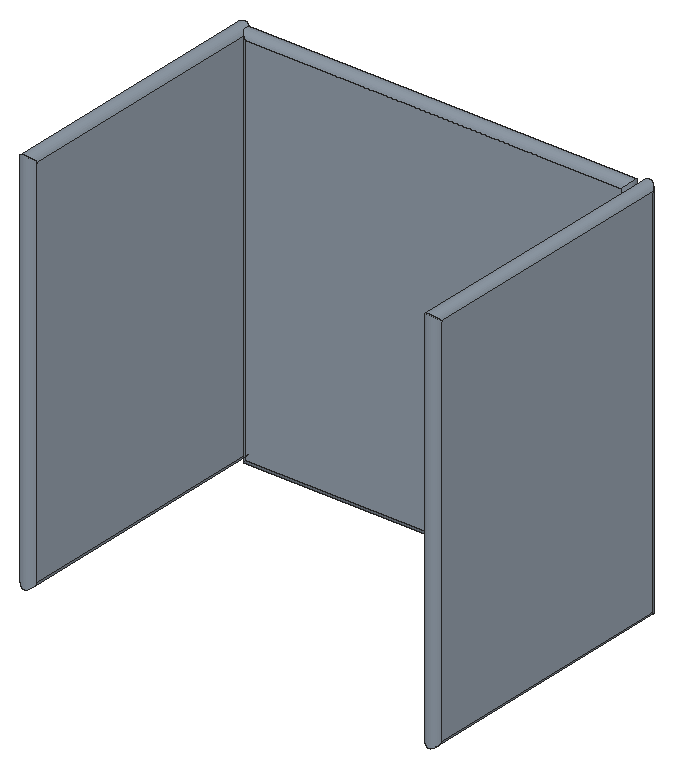
Revit family "FU_Modular_Sandler_Pau 1830PC", category Furniture, Revit 2020
Family settings
  OmniClass Number = 23.40.20.00
  OmniClass Title = General Furniture and Specialties
  Work Plane-Based = No
  Always vertical = Yes
  Cut with Voids When Loaded = No
  Shared = No
  Room Calculation Point = No
Parameters (values of type "PAU1830PC")
  Width = 1300 mm
  URL = "https://www.sandlerseating.com/product/pau1830pc/"
  Panel Finish [instance] = Fabric - Gravity - Frozen CPC27
  Model = "PAU1830PC"
  Manufacturer = "Sandler"
  Height = 895 mm
  Description = "Upholstered privacy screen on 3 sides for sofas and modules with backrest."
  Depth = 850 mm
  Default Elevation = 0 mm
Reference planes
  plane 1 "Center (Front/Back)": y = 0
  plane 2: z = 0
  plane 3 "Center (Left/Right)": x = 0
  plane 4 "Right": x = -650
  plane 5 "Left": x = 650
  plane 6 "Back": y = 450
  plane 7 "Front": y = -400
  plane 8 "Height": z = 895
  plane 9 "Seat height": z = 610
Dimensions and locks
  equal spacing: plane 4 "Right", plane 3 "Center (Left/Right)", plane 5 "Left"
  "Width": plane 4 "Right" to plane 5 "Left"
  plane 6 "Back" to plane 1 "Center (Front/Back)" to plane 7 "Front" = 450 mm, 400 mm
  "Depth": plane 6 "Back" to plane 7 "Front"
  "Height": plane 8 "Height" to level
  plane 9 "Seat height" to level = 610 mm
  aligned and locked: level to plane 2
Nested families
  nested 1: "FU_Modular_Sandler_Pau 1830PT" at (0, 425, 0), Panel Fabric <- "Panel Finish", type "PAU1830PT"
    with Panel Fabric Fabric - Gravity - Frozen CPC27
  nested 2: "FU_Modular_Sandler_Pau Side Panel" at (-625, 25, 0), Panel Fabric <- "Panel Finish", type "ESC0806"
    with Panel Fabric Fabric - Gravity - Frozen CPC27
  nested 3: "FU_Modular_Sandler_Pau Side Panel" at (625, 25, 0), Panel Fabric <- "Panel Finish", type "ESC0806"
    with Panel Fabric Fabric - Gravity - Frozen CPC27
Definition of nested family "FU_Modular_Sandler_Pau 1830PT"
  Parameters (values of type "PAU1830PT")
    Width = 1200 mm
    URL = "https://www.sandlerseating.com/product/pau1830pt/"
    Thickness = 50 mm  # constant formula
    Panel Height = 1200 mm
    Panel Fabric [instance] = none
    Model = "PAU1830PT"
    Manufacturer = "Sandler"
    Overall Elevation = 1300 mm
    Description = "Upholstered rear privacy screen for sofas and modules with backrest. Width 120cm."
    Default Elevation = 0 mm
  Reference planes
    plane 1 "Center (Front/Back)": y = 0
    plane 2: z = 0
    plane 3 "Center (Left/Right)": x = 0
    plane 4 "Right": x = -600
    plane 5 "Left": x = 600
    plane 6 "Front": y = -25
    plane 7 "Back": y = 25
    plane 8 "Top": z = 1300
    plane 9 "Panel Base": z = 100
  Forms (mm)
    Extrusion 1, solid, material <- "Panel Fabric"
      sketch origin (0, 0, 400) x (-1, 0, 0) y (0, 0, 1)
        loop
          line (-600, 900) -> (-600, -300) -> (600, -300) -> (600, 900) -> (-600, 900)
      from -25 to 25
    Sweep 2, void
      path in 3D
        loop
          line (-600, -25, 100) -> (600, -25, 100) -> (600, -25, 1300) -> (-600, -25, 1300) -> (-600, -25, 100)
      profile "Pro_Panel EdgeCut_10x50 : Pro_Panel EdgeCut_10x50" origin (-600, -25, 700) x (0, -1, 0) y (-1, 0, 0)
        loop
          line (20, -18.425) -> (20, 6.575) -> (-70, 6.575) -> (-70, -18.425)
          arc (-70, -18.425) -> (-60, -28.425) -> (-50, -18.425) r 10
          arc (-50, -18.425) -> (-25, 0) -> (0, -18.425) r 26.173
          arc (0, -18.425) -> (10, -28.425) -> (20, -18.425) r 10
  Cuts and joins
    Sweep 2 cuts Extrusion 1
  Lines and regions (mm)
    sketch lines
      curve 1: line (-600, -25, 1300) -> (-600, -25, 100)
      curve 2: line (600, -25, 1300) -> (-600, -25, 1300)
      curve 3: line (600, -25, 100) -> (600, -25, 1300)
      curve 4: line (-600, -25, 100) -> (600, -25, 100)
  Dimensions and locks
    "Width": plane 4 "Right" to plane 5 "Left"
    equal spacing: plane 4 "Right", plane 3 "Center (Left/Right)", plane 5 "Left"
    equal spacing: plane 7 "Back", plane 1 "Center (Front/Back)", plane 6 "Front"
    "Thickness": plane 7 "Back" to plane 6 "Front"
    "Overall Elevation": plane 8 "Top" to level
    "Panel Height": plane 8 "Top" to plane 9 "Panel Base"
    aligned and locked: level to plane 2
    aligned and locked: plane 8 "Top" to Extrusion 1 sketch curve
    aligned and locked: Extrusion 1 sketch curve to plane 4 "Right"
    aligned and locked: plane 5 "Left" to Extrusion 1 sketch curve
    aligned and locked: Extrusion 1 sketch curve to plane 9 "Panel Base"
Definition of nested family "FU_Modular_Sandler_Pau Side Panel"
  Parameters (values of type "ESC0806")
    Thickness = 50 mm
    Panel Fabric [instance] = none
    Overall Elevation = 1300 mm
    Model = "ESC0806"
    Manufacturer = "Sandler"
    Height = 1200 mm
    Description = "Upholstered side privacy screen"
    Depth = 850 mm
    Default Elevation = 0 mm
  Reference planes
    plane 1 "Center (Front/Back)": y = 0
    plane 2: z = 0
    plane 3 "Center (Left/Right)": x = 0
    plane 4 "Right": x = -25
    plane 5 "Left": x = 25
    plane 6 "Front": y = -425
    plane 7 "Back": y = 425
    plane 8 "Top": z = 1300
    plane 9 "Panel Base": z = 100
  Forms (mm)
    Extrusion 1, solid, material <- "Panel Fabric"
      sketch origin (0, 0, 477.644) x (0, 1, 0) y (0, 0, 1)
        loop
          line (-425, 822.356) -> (-425, -377.644) -> (425, -377.644) -> (425, 822.356) -> (-425, 822.356)
      from -25 to 25
    Sweep 2, void
      path in 3D
        loop
          line (25, -425, 1300) -> (25, -425, 100) -> (25, 425, 100) -> (25, 425, 1300) -> (25, -425, 1300)
      profile "Pro_Panel EdgeCut_10x50 : Pro_Panel EdgeCut_10x50" origin (25, 0, 1300) x (1, 0, 0) y (0, 0, 1)
        loop
          line (20, -18.425) -> (20, 6.575) -> (-70, 6.575) -> (-70, -18.425)
          arc (-70, -18.425) -> (-60, -28.425) -> (-50, -18.425) r 10
          arc (-50, -18.425) -> (-25, 0) -> (0, -18.425) r 26.173
          arc (0, -18.425) -> (10, -28.425) -> (20, -18.425) r 10
  Cuts and joins
    Sweep 2 cuts Extrusion 1
  Lines and regions (mm)
    sketch lines
      curve 1: line (25, 425, 1300) -> (25, -425, 1300)
      curve 2: line (25, 425, 100) -> (25, 425, 1300)
      curve 3: line (25, -425, 100) -> (25, 425, 100)
      curve 4: line (25, -425, 1300) -> (25, -425, 100)
  Dimensions and locks
    "Thickness": plane 4 "Right" to plane 5 "Left"
    equal spacing: plane 4 "Right", plane 3 "Center (Left/Right)", plane 5 "Left"
    equal spacing: plane 7 "Back", plane 1 "Center (Front/Back)", plane 6 "Front"
    "Depth": plane 7 "Back" to plane 6 "Front"
    "Overall Elevation": plane 8 "Top" to level
    "Height": plane 8 "Top" to plane 9 "Panel Base"
    aligned and locked: level to plane 2
    aligned and locked: Extrusion 1 to plane 4 "Right"
    aligned and locked: plane 5 "Left" to Extrusion 1
    aligned and locked: Extrusion 1 sketch curve to plane 8 "Top"
    aligned and locked: Extrusion 1 sketch curve to plane 7 "Back"
    aligned and locked: plane 9 "Panel Base" to Extrusion 1 sketch curve
    aligned and locked: plane 6 "Front" to Extrusion 1 sketch curve
